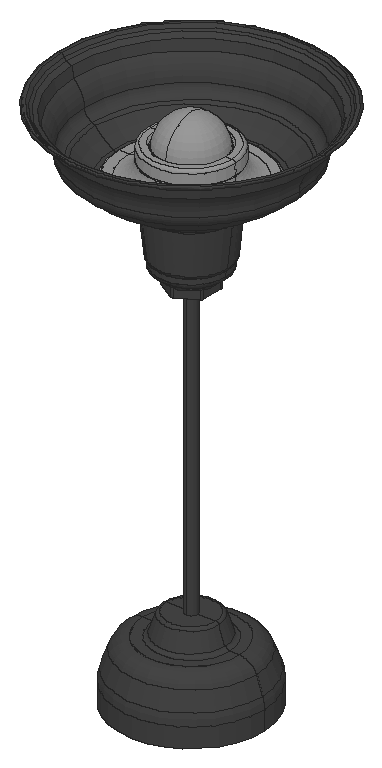
Revit family "BLE-S-WHB-LED", category Lighting Fixtures, host Face, Revit 2022
Family settings
  Host = Face
  Round Connector Dimension = Use Diameter
  Part Type = Normal
  Cut with Voids When Loaded = No
  Light Source = Yes
  Maintain Annotation Orientation = No
  Shared = No
  Room Calculation Point = No
Parameters (values of type "11" Dome 1/2" Stem Large Base")
  Wattage = 5.72229 W
  built-in parameter 1150110 = 1 (stored number, unit not read)
  built-in parameter 1114217 = 1 (stored number, unit not read)
  Tilt Angle = 0.00°
  built-in parameter 1150109 = 1 (stored number, unit not read)
  built-in parameter 1150134 = (empty or 0)
  built-in parameter 1150113 = 1 (stored number, unit not read)
  Stem Length Multiplier = 2
  SUB-0062 = no
  STM-75XX = no
  STM-50XX = yes
  SHD-0189 = yes
  Photometric Web File = "generic"
  built-in parameter 1150142 = (empty or 0)
  Min Length = 0' - 6"
  Max Length = 4' - 0"
  built-in parameter 1150105 = 67.641 (stored number, unit not read)
  Lumens = 850 lm
  built-in parameter 1150115 = 1 (stored number, unit not read)
  Light Source Distance = 1' - 10 5/32"
  built-in parameter 1150137 = (empty or 0)
  built-in parameter 1150139 = (empty or 0)
  Length Calc = Stem Length Multiplier * 0' 6"  # 1' - 0"
  built-in parameter 1150112 = 1 (stored number, unit not read)
  built-in parameter 1150114 = 1 (stored number, unit not read)
  built-in parameter 1150132 = 2
  built-in parameter 1150102 = (empty or 0)
  built-in parameter 1150107 = 3000 (stored number, unit not read)
  built-in parameter 1150138 = (empty or 0)
  built-in parameter 1150106 = 0.67641 (stored number, unit not read)
  Heat Sink 9" = no
  Heat Sink 6" = yes
  Emit from Line Length = 2' - 0"
  built-in parameter 1150104 = 13.8 (stored number, unit not read)
  Dimming Lamp Color Temperature Shift = <None>
  Color Filter = 16777215
  CAN-5001 = no
  Base Height = 0' - 3 11/32"
  built-in parameter 1114218 = 1 (stored number, unit not read)
  built-in parameter 1150133 = 10 (stored number, unit not read)
  Actual Stem Length = if(Length Calc < Min Length, Min Length, if(Length Calc < Max Length, Length Calc, 4' 0"))  # 1' - 0"
  Heat Sink = 0' - 3 13/128"
  Stem Material = 100 - Black
  Shade Material = 100 - Black
  Flat = no
  Dome = yes
  Default Elevation = 4' - 0"
  Base Material = 100 - Black
  17" = no
  15" = no
  13" = no
  11" = yes
Reference planes (in)
  plane 1 "Center (Front/Back)": y = 0
  plane 2: z = 0
  plane 3 "Center (Left/Right)": x = 0
Lines and regions (in)
  reference lines
    curve 1: line (0, 37, 0) -> (0, -36, 0)
    curve 2: line (-38, 0, 0) -> (34, 0, 0)
    curve 3: line (-1.9164, 0, 3.34375) -> (2.0836, 0, 3.34375)
    curve 4: line (-9.09337, 0, 19.09399) -> (9.90663, 0, 19.09399)
    curve 5: line (-6.18099, 0, 15.99243) -> (4.81901, 0, 15.99243)
Dimensions and locks (in)
  "Base Height": curve 3 to host face
  locked: imposter light to curve 4 at 1
  "Heat Sink": curve 4 to curve 5
  aligned and locked: plane 2 to host face
  aligned and locked: level to host face
  aligned and locked: plane 3 "Center (Left/Right)" to nested 1
  aligned and locked: plane 1 "Center (Front/Back)" to nested 1
  aligned and locked: nested 2 to plane 3 "Center (Left/Right)"
  aligned and locked: nested 2 to plane 1 "Center (Front/Back)"
  aligned and locked: nested 4 to plane 1 "Center (Front/Back)"
  aligned and locked: plane 3 "Center (Left/Right)" to nested 3
  aligned and locked: plane 1 "Center (Front/Back)" to nested 5
  aligned and locked: plane 3 "Center (Left/Right)" to nested 5
  aligned and locked: plane 1 "Center (Front/Back)" to nested 6
  aligned and locked: plane 3 "Center (Left/Right)" to nested 6
  aligned and locked: plane 3 "Center (Left/Right)" to imposter light
  aligned and locked: imposter light to plane 1 "Center (Front/Back)"
  aligned and locked: nested 4 to plane 3 "Center (Left/Right)"
  aligned and locked: nested 7 to imposter light
  aligned and locked: imposter light to nested 7
  aligned and locked: imposter light to nested 8  (x2)
  aligned and locked: nested 9 to imposter light
  aligned and locked: imposter light to nested 9
  aligned and locked: curve 5 to nested 3
  aligned and locked: plane 3 "Center (Left/Right)" to nested 10
  aligned and locked: plane 1 "Center (Front/Back)" to nested 10
  aligned and locked: plane 3 "Center (Left/Right)" to nested 11
Automatic sketch dimensions
  host sketch curve to host sketch curve = 8' - 0"  (x2)
  plane 1 "Center (Front/Back)" to curve 2 = 0' - 0"
  curve 1 to plane 3 "Center (Left/Right)" = 0' - 0"
  curve 2 to plane 3 "Center (Left/Right)" = 3' - 2"
  plane 3 "Center (Left/Right)" to curve 2 = 2' - 10"
  plane 1 "Center (Front/Back)" to curve 1 = 3' - 0"
  curve 1 to plane 1 "Center (Front/Back)" = 3' - 1"
  curve 4 to plane 3 "Center (Left/Right)" = 0' - 9.09337"
  curve 4 to curve 5 = 0' - 2.91238"
  curve 3 to plane 3 "Center (Left/Right)" = 0' - 1.9164"
  plane 3 "Center (Left/Right)" to curve 3 = 0' - 2.0836"
  plane 3 "Center (Left/Right)" to curve 5 = 0' - 4.81901"
  curve 5 to curve 4 = 0' - 5.08762"
  curve 3 to curve 5 = 1' - 0.64868"
Nested families (in)
  nested 1: "SUB-0062" at (0, 0, 0), type "SUB-0062"
    with SUB-0062 no
  nested 2: "WHB Shade" at (0, 0, 15.99243), type "WHB Shade"
    with 8" no, 6" no, 17" no, 15" no, 13" no
  nested 3: "CPL-0004" at (0, 0, 15.34225) x (0, -1, 0) z (0, 0, 1), type "CPL-0004"
  nested 4: "STM-50XX" at (0, 0, 3.34375) x (0, -1, 0) z (0, 0, 1), type "STM-50XX"
    with STM-50XX yes
  nested 5: "SHD-0189" at (0, 0, 0), type "SHD-0189"
  nested 6: "CAN-5001" at (0, 0, 0), type "CAN-5001"
    with CAN-5001 no
  nested 7: "103264" at (0, 0, 19.09399), type "103264"
    with Heat Sink 9" no
  nested 8: "ACR-0306" at (0, 0, 20.34403) x (0, 1, 0) z (0, 0, 1), type "ACR-0306"
  nested 9: "RNG-0007" at (0, 0, 20.42513) x (-1, 0, 0) z (0, 0, 1), type "RNG-0007"
  nested 10: "STM-75XX" at (0, 0, 3.34375), type "STM-75XX"
    with Stem Length 1' - 0", STM-75XX no
  nested 11: "103805" at (0, 0, 19.09399), type "103805"
Connectors (in)
  electrical at (0, 0, 0)
    settings: index 1, voltage 0 V, apparent load 0 VA, apparent load phase1 0 VA, apparent load phase2 0 VA, apparent load phase3 0 VA, power factor 1, load classification "Other", number of poles 1, system type 31, power factor state 1, is connector primary yes, connector utility no, sub classification motor no, connector description ""
Definition of nested family "WHB Shade"
  Parameters (values of type "WHB Shade")
    Shade Material = none
    Default Elevation = 2' - 0"
    17" = yes
    15" = yes
    13" = yes
    11" = yes
    8" = yes
    6" = yes
  Reference planes (in)
    plane 1 "Center (Front/Back)": y = 0
    plane 2: z = 0
    plane 3 "Center (Left/Right)": x = 0
  Forms (in)
    Extrusion 1, solid
      sketch origin (0, 0, 0) x (1, 0, 0) y (0, 1, 0)
        loop
          line (-48, 48) -> (-48, -48) -> (48, -48) -> (48, 48) -> (-48, 48)
      from 0 to -12
  Dimensions and locks (in)
    aligned and locked: plane 2 to Extrusion 1
    aligned and locked: level to Extrusion 1
    aligned and locked: plane 1 "Center (Front/Back)" to nested 1
    aligned and locked: plane 3 "Center (Left/Right)" to nested 1
    aligned and locked: plane 3 "Center (Left/Right)" to nested 2
    aligned and locked: plane 1 "Center (Front/Back)" to nested 2
    aligned and locked: plane 1 "Center (Front/Back)" to nested 3
    aligned and locked: plane 3 "Center (Left/Right)" to nested 3
    aligned and locked: plane 3 "Center (Left/Right)" to nested 4
    aligned and locked: plane 1 "Center (Front/Back)" to nested 4
    aligned and locked: plane 1 "Center (Front/Back)" to nested 5
    aligned and locked: plane 3 "Center (Left/Right)" to nested 5
    aligned and locked: plane 3 "Center (Left/Right)" to nested 6
    aligned and locked: plane 1 "Center (Front/Back)" to nested 6
  Nested families (in)
    nested 1: "SHD-0073" at (0, 0, 0), visible <- "6"", type "SHD-0073"
    nested 2: "SHD-0074" at (0, 0, 0), visible <- "8"", type "SHD-0074"
    nested 3: "SHD-0019" at (0, 0, 0), visible <- "11"", type "SHD-0019"
    nested 4: "SHD-0020" at (0, 0, 0), visible <- "13"", type "SHD-0020"
    nested 5: "SHD-0022" at (0, 0, 0), visible <- "17"", type "SHD-0022"
    nested 6: "SHD-0021" at (0, 0, 0), visible <- "15"", type "SHD-0021"
  Definition of nested family "SHD-0073"
    Parameters (values of type "SHD-0073")
      Shade Material = none
      Default Elevation = 2' - 0"
    Reference planes (in)
      plane 1 "Center (Front/Back)": y = 0
      plane 2: z = 0
      plane 3 "Center (Left/Right)": x = 0
    Forms (in)
      Extrusion 1, solid
        sketch origin (0.09263, 0, 0.02324) x (1, 0, 0) y (0, 1, 0)
          loop
            line (-48, 48) -> (-48, -48) -> (48, -48) -> (48, 48) -> (-48, 48)
        from -0.02324 to -12
      Revolve 2, solid, material <- "Shade Material"
        sketch origin (0, 0, 0) x (1, 0, 0) y (0, 0, 1)
          loop
            line (0, 0.03906) -> (-0.87579, 0.03906)
            arc (-0.87579, 0.03906) -> (-0.93447, 0.06284) -> (-0.96005, 0.12076) r 0.0843
            line (-0.96005, 0.12076) -> (-0.98861, 1.04523)
            arc (-0.98861, 1.04523) -> (-1.01951, 1.13722) -> (-1.09617, 1.19672) r 0.16785
            arc (-1.09617, 1.19672) -> (-1.12932, 1.21983) -> (-1.14792, 1.25572) r 0.08435
            line (-1.14792, 1.25572) -> (-1.30194, 1.8953)
            arc (-1.30194, 1.8953) -> (-1.55722, 2.3583) -> (-2.01293, 2.62636) r 0.99978
            arc (-2.01293, 2.62636) -> (-2.33316, 2.81372) -> (-2.51458, 3.13736) r 0.70762
            line (-2.51458, 3.13736) -> (-2.88606, 4.61912)
            arc (-2.88606, 4.61912) -> (-2.89984, 4.6509) -> (-2.9231, 4.67657) r 0.10636
            arc (-2.9231, 4.67657) -> (-2.93679, 4.69272) -> (-2.94325, 4.71288) r 0.05416
            line (-2.94325, 4.71288) -> (-2.95995, 4.8599) -> (-2.99926, 4.8599) -> (-2.98018, 4.69189)
            arc (-2.98018, 4.69189) -> (-2.97181, 4.6682) -> (-2.95392, 4.65055) r 0.05598
            arc (-2.95392, 4.65055) -> (-2.93493, 4.63302) -> (-2.92395, 4.60962) r 0.0673
            line (-2.92395, 4.60962) -> (-2.55247, 3.12786)
            arc (-2.55247, 3.12786) -> (-2.36104, 2.78636) -> (-2.02313, 2.58865) r 0.74668
            arc (-2.02313, 2.58865) -> (-1.58522, 2.33106) -> (-1.33991, 1.88616) r 0.96072
            line (-1.33991, 1.88616) -> (-1.1859, 1.24657)
            arc (-1.1859, 1.24657) -> (-1.15869, 1.19407) -> (-1.11018, 1.16026) r 0.12341
            arc (-1.11018, 1.16026) -> (-1.05137, 1.1146) -> (-1.02765, 1.04402) r 0.12878
            line (-1.02765, 1.04402) -> (-0.99909, 0.11955)
            arc (-0.99909, 0.11955) -> (-0.96166, 0.0348) -> (-0.87579, 0) r 0.12336
            line (-0.87579, 0) -> (0, 0) -> (0, 0.03906)
          axis (0, 4.8599) -> (0, 0)
        angle from 0 to 360
    Dimensions and locks (in)
      aligned and locked: plane 2 to Extrusion 1
      aligned and locked: level to Extrusion 1
    Automatic sketch dimensions
      Extrusion 1 sketch curve to Extrusion 1 sketch curve = 8' - 0"  (x2)
      Revolve 2 sketch curve to Revolve 2 sketch curve = 0' - 0"  (x12)
      Revolve 2 sketch curve to level = 0' - 0"
      Revolve 2 sketch curve to plane 3 "Center (Left/Right)" = 0' - 0"  (x2)
      level to Revolve 2 sketch curve = 0' - 0.12336"
      Revolve 2 sketch curve to plane 3 "Center (Left/Right)" = 0' - 0.87579"
      level to Revolve 2 sketch curve = 0' - 0.12076"
      Revolve 2 sketch curve to Revolve 2 sketch curve = 0' - 0.08426"
      Revolve 2 sketch curve to Revolve 2 sketch curve = 0' - 0.02856"
      level to Revolve 2 sketch curve = 0' - 0.11955"
      Revolve 2 sketch curve to Revolve 2 sketch curve = 0' - 0 5/128"
      Revolve 2 sketch curve to Revolve 2 sketch curve = 0' - 0.03827"
      Revolve 2 sketch curve to Revolve 2 sketch curve = 0' - 0.08201"
      Revolve 2 sketch curve to Revolve 2 sketch curve = 0' - 0.12872"
      Revolve 2 sketch curve to Revolve 2 sketch curve = 0' - 0.03798"  (x2)
      Revolve 2 sketch curve to Revolve 2 sketch curve = 0' - 0.15401"
      Revolve 2 sketch curve to Revolve 2 sketch curve = 0' - 0 125/256"
      Revolve 2 sketch curve to Revolve 2 sketch curve = 0' - 0.93402"
      Revolve 2 sketch curve to Revolve 2 sketch curve = 0' - 0.68638"
      Revolve 2 sketch curve to Revolve 2 sketch curve = 0' - 0.03789"  (x2)
      Revolve 2 sketch curve to Revolve 2 sketch curve = 0' - 0.37148"
      Revolve 2 sketch curve to Revolve 2 sketch curve = 0' - 0.00338"
      Revolve 2 sketch curve to Revolve 2 sketch curve = 0' - 0.03513"
      Revolve 2 sketch curve to Revolve 2 sketch curve = 0' - 0.01869"
      Revolve 2 sketch curve to Revolve 2 sketch curve = 0' - 0.03693"
      Revolve 2 sketch curve to Revolve 2 sketch curve = 0' - 0.06528"
      Revolve 2 sketch curve to Revolve 2 sketch curve = 0' - 0.05601"
      Revolve 2 sketch curve to Revolve 2 sketch curve = 0' - 0.00121"
      Revolve 2 sketch curve to Revolve 2 sketch curve = 0' - 0.20652"
      Revolve 2 sketch curve to Revolve 2 sketch curve = 0' - 0.00914"  (x2)
      Revolve 2 sketch curve to Revolve 2 sketch curve = 0' - 0.01975"
      Revolve 2 sketch curve to Revolve 2 sketch curve = 0' - 1.46662"
      Revolve 2 sketch curve to Revolve 2 sketch curve = 0' - 0.0095"  (x2)
      Revolve 2 sketch curve to Revolve 2 sketch curve = 0' - 0.17208"
      Revolve 2 sketch curve to Revolve 2 sketch curve = 0' - 0.09863"
      Revolve 2 sketch curve to Revolve 2 sketch curve = 0' - 0.00632"
      Revolve 2 sketch curve to Revolve 2 sketch curve = 0' - 0.01467"
      Revolve 2 sketch curve to Revolve 2 sketch curve = 0' - 0.02078"
      Revolve 2 sketch curve to Revolve 2 sketch curve = 0' - 0.68038"
      Revolve 2 sketch curve to Revolve 2 sketch curve = 0' - 0.3547"
  Definition of nested family "SHD-0074"
    Parameters (values of type "SHD-0074")
      Shade Material = none
      Default Elevation = 2' - 0"
    Reference planes (in)
      plane 1 "Center (Front/Back)": y = 0
      plane 2: z = 0
      plane 3 "Center (Left/Right)": x = 0
    Forms (in)
      Extrusion 1, solid
        sketch origin (0.09263, 0, 0.02324) x (1, 0, 0) y (0, 1, 0)
          loop
            line (-48, 48) -> (-48, -48) -> (48, -48) -> (48, 48) -> (-48, 48)
        from -0.02324 to -12
      Revolve 2, solid, material <- "Shade Material"
        sketch origin (0, 0, 0) x (1, 0, 0) y (0, 0, 1)
          loop
            line (0, 0) -> (0, 0.03906) -> (-1.14807, 0.03906)
            arc (-1.14807, 0.03906) -> (-1.2741, 0.09017) -> (-1.32894, 0.21462) r 0.18095
            line (-1.32894, 0.21462) -> (-1.3651, 1.42566)
            arc (-1.3651, 1.42566) -> (-1.39345, 1.51093) -> (-1.46402, 1.56657) r 0.15656
            arc (-1.46402, 1.56657) -> (-1.53401, 1.61608) -> (-1.57335, 1.69225) r 0.18097
            line (-1.57335, 1.69225) -> (-1.77626, 2.52967)
            arc (-1.77626, 2.52967) -> (-2.09487, 3.10739) -> (-2.66269, 3.44334) r 1.25363
            arc (-2.66269, 3.44334) -> (-3.11575, 3.71011) -> (-3.37255, 4.1689) r 1.00681
            line (-3.37255, 4.1689) -> (-3.85994, 6.109)
            arc (-3.85994, 6.109) -> (-3.87317, 6.13828) -> (-3.8958, 6.16109) r 0.09052
            arc (-3.8958, 6.16109) -> (-3.92393, 6.19141) -> (-3.93708, 6.23062) r 0.09827
            line (-3.93708, 6.23062) -> (-3.96079, 6.44195) -> (-4.0001, 6.44195) -> (-3.9759, 6.22627)
            arc (-3.9759, 6.22627) -> (-3.95752, 6.17147) -> (-3.91821, 6.12909) r 0.13733
            arc (-3.91821, 6.12909) -> (-3.90535, 6.11612) -> (-3.89782, 6.09948) r 0.05146
            line (-3.89782, 6.09948) -> (-3.41044, 4.15939)
            arc (-3.41044, 4.15939) -> (-3.14367, 3.6828) -> (-2.67303, 3.40567) r 1.04587
            arc (-2.67303, 3.40567) -> (-2.12291, 3.08019) -> (-1.81423, 2.52047) r 1.21457
            line (-1.81423, 2.52047) -> (-1.61132, 1.68305)
            arc (-1.61132, 1.68305) -> (-1.56348, 1.59044) -> (-1.47839, 1.53025) r 0.22003
            arc (-1.47839, 1.53025) -> (-1.42543, 1.48849) -> (-1.40415, 1.42449) r 0.1175
            line (-1.40415, 1.42449) -> (-1.36798, 0.21345)
            arc (-1.36798, 0.21345) -> (-1.3013, 0.06214) -> (-1.14807, 0) r 0.22002
            line (-1.14807, 0) -> (0, 0)
          axis (0, 6.44195) -> (0, 0)
        angle from 0 to 360
    Dimensions and locks (in)
      aligned and locked: plane 2 to Extrusion 1
      aligned and locked: level to Extrusion 1
    Automatic sketch dimensions
      Extrusion 1 sketch curve to Extrusion 1 sketch curve = 8' - 0"  (x2)
      Revolve 2 sketch curve to Revolve 2 sketch curve = 0' - 0"  (x14)
      Revolve 2 sketch curve to level = 0' - 0"
      Revolve 2 sketch curve to plane 3 "Center (Left/Right)" = 0' - 0"  (x2)
      Revolve 2 sketch curve to plane 3 "Center (Left/Right)" = 0' - 1.14807"
      level to Revolve 2 sketch curve = 0' - 0.21462"
      Revolve 2 sketch curve to Revolve 2 sketch curve = 0' - 0.18087"
      Revolve 2 sketch curve to Revolve 2 sketch curve = 0' - 0.03617"
      level to Revolve 2 sketch curve = 0' - 0.21345"
      Revolve 2 sketch curve to Revolve 2 sketch curve = 0' - 0 5/128"  (x2)
      Revolve 2 sketch curve to Revolve 2 sketch curve = 0' - 0.03237"
      Revolve 2 sketch curve to Revolve 2 sketch curve = 0' - 0.11745"
      Revolve 2 sketch curve to Revolve 2 sketch curve = 0' - 0.17588"
      Revolve 2 sketch curve to Revolve 2 sketch curve = 0' - 0.03796"  (x2)
      Revolve 2 sketch curve to Revolve 2 sketch curve = 0' - 0.20291"
      Revolve 2 sketch curve to Revolve 2 sketch curve = 0' - 0.58186"
      Revolve 2 sketch curve to Revolve 2 sketch curve = 0' - 1.18041"
      Revolve 2 sketch curve to Revolve 2 sketch curve = 0' - 0.97647"
      Revolve 2 sketch curve to Revolve 2 sketch curve = 0' - 0.03789"  (x2)
      Revolve 2 sketch curve to Revolve 2 sketch curve = 0' - 0.46688"
      Revolve 2 sketch curve to Revolve 2 sketch curve = 0' - 0.02051"
      Revolve 2 sketch curve to Revolve 2 sketch curve = 0' - 0 25/256"
      Revolve 2 sketch curve to Revolve 2 sketch curve = 0' - 0.04991"
      Revolve 2 sketch curve to Revolve 2 sketch curve = 0' - 0.03882"
      Revolve 2 sketch curve to Revolve 2 sketch curve = 0' - 0.02419"
      Revolve 2 sketch curve to Revolve 2 sketch curve = 0' - 0.00117"
      Revolve 2 sketch curve to Revolve 2 sketch curve = 0' - 0.26206"
      Revolve 2 sketch curve to Revolve 2 sketch curve = 0' - 0.0092"  (x2)
      Revolve 2 sketch curve to Revolve 2 sketch curve = 0' - 0.04262"
      Revolve 2 sketch curve to Revolve 2 sketch curve = 0' - 1.92493"
      Revolve 2 sketch curve to Revolve 2 sketch curve = 0' - 0.00952"  (x2)
      Revolve 2 sketch curve to Revolve 2 sketch curve = 0' - 0.2453"
      Revolve 2 sketch curve to Revolve 2 sketch curve = 0' - 0.13933"
      Revolve 2 sketch curve to Revolve 2 sketch curve = 0' - 0.00435"
      Revolve 2 sketch curve to Revolve 2 sketch curve = 0' - 0.01095"
      Revolve 2 sketch curve to Revolve 2 sketch curve = 0' - 0.21568"
      Revolve 2 sketch curve to Revolve 2 sketch curve = 0' - 0.03931"
      Revolve 2 sketch curve to Revolve 2 sketch curve = 0' - 0.68038"
      Revolve 2 sketch curve to Revolve 2 sketch curve = 0' - 0.51514"
  Definition of nested family "SHD-0019"
    Parameters (values of type "SHD-0019")
      Shade Material = none
      Default Elevation = 2' - 0"
    Reference planes (in)
      plane 1 "Center (Front/Back)": y = 0
      plane 2: z = 0
      plane 3 "Center (Left/Right)": x = 0
    Forms (in)
      Extrusion 1, solid
        sketch origin (0.09263, 0, 0.02324) x (1, 0, 0) y (0, 1, 0)
          loop
            line (-48, 48) -> (-48, -48) -> (48, -48) -> (48, 48) -> (-48, 48)
        from -0.02324 to -12
      Revolve 2, solid, material <- "Shade Material"
        sketch origin (0, 0, 0) x (1, 0, 0) y (0, 0, 1)
          loop
            line (0, 0) -> (0, 0.03906) -> (-1.25514, 0.03906)
            arc (-1.25514, 0.03906) -> (-1.35614, 0.0809) -> (-1.39797, 0.1819) r 0.14284
            line (-1.39797, 0.1819) -> (-1.39797, 0.40436)
            arc (-1.39797, 0.40436) -> (-1.40946, 0.44193) -> (-1.43999, 0.46665) r 0.06717
            arc (-1.43999, 0.46665) -> (-1.46357, 0.48473) -> (-1.47446, 0.51238) r 0.05558
            line (-1.47446, 0.51238) -> (-1.65246, 2.20592)
            arc (-1.65246, 2.20592) -> (-1.81497, 2.52488) -> (-2.14916, 2.65316) r 0.49944
            line (-2.14916, 2.65316) -> (-2.24649, 2.65316)
            arc (-2.24649, 2.65316) -> (-2.31667, 2.67482) -> (-2.36287, 2.73191) r 0.12605
            arc (-2.36287, 2.73191) -> (-2.52975, 2.94415) -> (-2.78418, 3.03449) r 0.48568
            arc (-2.78418, 3.03449) -> (-2.86526, 3.04814) -> (-2.94157, 3.07874) r 0.38387
            line (-2.94157, 3.07874) -> (-3.22069, 3.22715)
            arc (-3.22069, 3.22715) -> (-3.61341, 3.48929) -> (-3.9463, 3.82416) r 2.36749
            arc (-3.9463, 3.82416) -> (-4.00593, 3.87819) -> (-4.079, 3.91189) r 0.26567
            arc (-4.079, 3.91189) -> (-4.32022, 4.07818) -> (-4.41249, 4.35625) r 0.46094
            arc (-4.41249, 4.35625) -> (-4.52362, 4.86613) -> (-4.83937, 5.28163) r 1.20855
            line (-4.83937, 5.28163) -> (-4.92424, 5.68987) -> (-5.13707, 5.82286)
            arc (-5.13707, 5.82286) -> (-5.1902, 5.86363) -> (-5.23456, 5.91381) r 0.34908
            line (-5.23456, 5.91381) -> (-5.32729, 6.04153) -> (-5.45509, 6.04153)
            arc (-5.45509, 6.04153) -> (-5.50157, 5.99506) -> (-5.45509, 5.94858) r 0.04648
            line (-5.45509, 5.94858) -> (-5.3113, 5.94858) -> (-5.26576, 5.89029)
            arc (-5.26576, 5.89029) -> (-5.21658, 5.83483) -> (-5.15777, 5.78973) r 0.38814
            line (-5.15777, 5.78973) -> (-4.95909, 5.66558) -> (-4.87486, 5.2604)
            arc (-4.87486, 5.2604) -> (-4.5619, 4.85582) -> (-4.45155, 4.35637) r 1.16949
            arc (-4.45155, 4.35637) -> (-4.35146, 4.05473) -> (-4.0898, 3.87435) r 0.5
            arc (-4.0898, 3.87435) -> (-4.02747, 3.8456) -> (-3.97662, 3.79952) r 0.22661
            arc (-3.97662, 3.79952) -> (-3.63823, 3.45913) -> (-3.23903, 3.19266) r 2.40656
            line (-3.23903, 3.19266) -> (-2.95991, 3.04425)
            arc (-2.95991, 3.04425) -> (-2.87583, 3.01053) -> (-2.7865, 2.99549) r 0.42293
            arc (-2.7865, 2.99549) -> (-2.55253, 2.91243) -> (-2.39908, 2.71725) r 0.44662
            arc (-2.39908, 2.71725) -> (-2.33853, 2.64244) -> (-2.24656, 2.6141) r 0.16512
            line (-2.24656, 2.6141) -> (-2.14916, 2.6141)
            arc (-2.14916, 2.6141) -> (-1.84111, 2.49585) -> (-1.6913, 2.20184) r 0.46038
            line (-1.6913, 2.20184) -> (-1.51331, 0.50829)
            arc (-1.51331, 0.50829) -> (-1.49476, 0.46122) -> (-1.45462, 0.43043) r 0.09464
            arc (-1.45462, 0.43043) -> (-1.44184, 0.42008) -> (-1.43704, 0.40436) r 0.02811
            line (-1.43704, 0.40436) -> (-1.43704, 0.1819)
            arc (-1.43704, 0.1819) -> (-1.38376, 0.05328) -> (-1.25514, 0) r 0.1819
            line (-1.25514, 0) -> (0, 0)
          axis (0, 6.04153) -> (0, 0)
        angle from 0 to 360
    Dimensions and locks (in)
      aligned and locked: plane 2 to Extrusion 1
      aligned and locked: level to Extrusion 1
    Automatic sketch dimensions
      Extrusion 1 sketch curve to Extrusion 1 sketch curve = 8' - 0"  (x2)
      Revolve 2 sketch curve to Revolve 2 sketch curve = 0' - 0"  (x30)
      Revolve 2 sketch curve to level = 0' - 0"
      Revolve 2 sketch curve to plane 3 "Center (Left/Right)" = 0' - 0"  (x2)
      Revolve 2 sketch curve to plane 3 "Center (Left/Right)" = 0' - 1.25514"
      Revolve 2 sketch curve to Revolve 2 sketch curve = 0' - 0.14284"
      Revolve 2 sketch curve to Revolve 2 sketch curve = 0' - 0.02121"
      Revolve 2 sketch curve to Revolve 2 sketch curve = 0' - 0 5/128"
      Revolve 2 sketch curve to Revolve 2 sketch curve = 0' - 0.02811"
      level to Revolve 2 sketch curve = 0' - 0.51238"
      Revolve 2 sketch curve to Revolve 2 sketch curve = 0' - 0.05528"
      level to Revolve 2 sketch curve = 0' - 0.50829"
      Revolve 2 sketch curve to Revolve 2 sketch curve = 0' - 0.03885"  (x2)
      Revolve 2 sketch curve to plane 3 "Center (Left/Right)" = 0' - 1.65246"
      Revolve 2 sketch curve to plane 3 "Center (Left/Right)" = 0' - 2.10922"
      Revolve 2 sketch curve to Revolve 2 sketch curve = 0' - 0.45786"
      Revolve 2 sketch curve to Revolve 2 sketch curve = 0' - 0.09686"
      Revolve 2 sketch curve to Revolve 2 sketch curve = 0' - 0.09733"
      Revolve 2 sketch curve to Revolve 2 sketch curve = 0' - 0.00007"
      Revolve 2 sketch curve to Revolve 2 sketch curve = 0' - 0.51533"
      Revolve 2 sketch curve to Revolve 2 sketch curve = 0' - 0.5665"
      Revolve 2 sketch curve to Revolve 2 sketch curve = 0' - 0.18022"
      Revolve 2 sketch curve to Revolve 2 sketch curve = 0' - 0.01834"  (x2)
      Revolve 2 sketch curve to Revolve 2 sketch curve = 0' - 0.27912"
      Revolve 2 sketch curve to Revolve 2 sketch curve = 0' - 0.73086"
      Revolve 2 sketch curve to Revolve 2 sketch curve = 0' - 0.2009"
      Revolve 2 sketch curve to Revolve 2 sketch curve = 0' - 0.88782"
      Revolve 2 sketch curve to Revolve 2 sketch curve = 0' - 0.03549"
      Revolve 2 sketch curve to Revolve 2 sketch curve = 0' - 0.08486"
      Revolve 2 sketch curve to Revolve 2 sketch curve = 0' - 0.02785"
      Revolve 2 sketch curve to Revolve 2 sketch curve = 0' - 0.03485"
      Revolve 2 sketch curve to Revolve 2 sketch curve = 0' - 0.17798"
      Revolve 2 sketch curve to Revolve 2 sketch curve = 0' - 0.0207"
      Revolve 2 sketch curve to Revolve 2 sketch curve = 0' - 0.0975"
      Revolve 2 sketch curve to Revolve 2 sketch curve = 0' - 0.03119"
      Revolve 2 sketch curve to Revolve 2 sketch curve = 0' - 0.04554"
      Revolve 2 sketch curve to Revolve 2 sketch curve = 0' - 0.14379"
      Revolve 2 sketch curve to Revolve 2 sketch curve = 0' - 0.74618"
      Revolve 2 sketch curve to Revolve 2 sketch curve = 0' - 0.10801"
      Revolve 2 sketch curve to Revolve 2 sketch curve = 0' - 0.00581"
      Revolve 2 sketch curve to Revolve 2 sketch curve = 0' - 0.00408"
      Revolve 2 sketch curve to Revolve 2 sketch curve = 0' - 0.06443"
      Revolve 2 sketch curve to Revolve 2 sketch curve = 0' - 0.12605"
      Revolve 2 sketch curve to Revolve 2 sketch curve = 0' - 0.49458"
      Revolve 2 sketch curve to Revolve 2 sketch curve = 0' - 0.03449"  (x2)
      Revolve 2 sketch curve to Revolve 2 sketch curve = 0' - 0.14841"
      Revolve 2 sketch curve to Revolve 2 sketch curve = 0' - 0.46392"
      Revolve 2 sketch curve to Revolve 2 sketch curve = 0' - 0.69828"
      Revolve 2 sketch curve to Revolve 2 sketch curve = 0' - 0.70331"
      Revolve 2 sketch curve to Revolve 2 sketch curve = 0' - 0.90051"
      Revolve 2 sketch curve to Revolve 2 sketch curve = 0' - 0.02122"
      Revolve 2 sketch curve to Revolve 2 sketch curve = 0' - 1.89985"
      Revolve 2 sketch curve to Revolve 2 sketch curve = 0' - 0.38395"
      Revolve 2 sketch curve to Revolve 2 sketch curve = 0' - 0.02429"
      Revolve 2 sketch curve to Revolve 2 sketch curve = 0' - 0.12415"
      Revolve 2 sketch curve to Revolve 2 sketch curve = 0' - 0.03313"
      Revolve 2 sketch curve to Revolve 2 sketch curve = 0' - 0.05829"
      Revolve 2 sketch curve to Revolve 2 sketch curve = 0' - 0.04648"
      Revolve 2 sketch curve to Revolve 2 sketch curve = 0' - 0.01599"
      Revolve 2 sketch curve to Revolve 2 sketch curve = 0' - 0.68038"
      Revolve 2 sketch curve to Revolve 2 sketch curve = 0' - 1.53056"
  Definition of nested family "SHD-0020"
    Parameters (values of type "SHD-0020")
      Shade Material = none
      Default Elevation = 2' - 0"
    Reference planes (in)
      plane 1 "Center (Front/Back)": y = 0
      plane 2: z = 0
      plane 3 "Center (Left/Right)": x = 0
      plane 4: x = -1.27876
      plane 5: z = 0.137
      plane 6: x = -1.44076
      plane 7: x = -1.46776
      plane 8: z = 0.294
      plane 9: x = -1.48176
      plane 10: z = 0.311
      plane 11: z = 0.395
      plane 12: x = -1.54476
      plane 13: z = 2.088
      plane 14: x = -1.72276
      plane 15: z = 2.5
      plane 16: x = -2.18076
      plane 17: z = 2.608
      plane 18: x = -2.43176
      plane 19: x = -2.82376
      plane 20: z = 2.873
      plane 21: z = 2.895
      plane 22: x = -2.87876
      plane 23: z = 2.954
      plane 24: x = -2.95276
      plane 25: z = 3.023
      plane 26: x = -3.10676
      plane 27: x = -2.27776
    Forms (in)
      Extrusion 1, solid
        sketch origin (0.09263, 0, 0.02324) x (1, 0, 0) y (0, 1, 0)
          loop
            line (-48, 48) -> (-48, -48) -> (48, -48) -> (48, 48) -> (-48, 48)
        from -0.02324 to -12
      Revolve 2, solid, material <- "Shade Material"
        sketch origin (0, 0, 0) x (1, 0, 0) y (0, 0, 1)
          loop
            line (0, 0) -> (0, 0.03906) -> (-1.2768, 0.03906)
            arc (-1.2768, 0.03906) -> (-1.35899, 0.06907) -> (-1.4025, 0.14499) r 0.12754
            line (-1.4025, 0.14499) -> (-1.42739, 0.28969)
            arc (-1.42739, 0.28969) -> (-1.44233, 0.32466) -> (-1.47142, 0.34916) r 0.08217
            arc (-1.47142, 0.34916) -> (-1.49504, 0.36972) -> (-1.50591, 0.39908) r 0.06331
            line (-1.50591, 0.39908) -> (-1.68358, 2.08888)
            arc (-1.68358, 2.08888) -> (-1.84717, 2.40993) -> (-2.18358, 2.53906) r 0.50276
            line (-2.18358, 2.53906) -> (-2.27776, 2.53906)
            arc (-2.27776, 2.53906) -> (-2.34786, 2.56062) -> (-2.39372, 2.61784) r 0.12473
            arc (-2.39372, 2.61784) -> (-2.41079, 2.65638) -> (-2.43086, 2.69346) r 0.53263
            arc (-2.43086, 2.69346) -> (-2.45841, 2.73306) -> (-2.49138, 2.76828) r 0.33419
            arc (-2.49138, 2.76828) -> (-2.64394, 2.86795) -> (-2.82078, 2.91195) r 0.54674
            arc (-2.82078, 2.91195) -> (-2.83844, 2.91605) -> (-2.85406, 2.92526) r 0.05986
            arc (-2.85406, 2.92526) -> (-2.8952, 2.95841) -> (-2.93676, 2.99103) r 4.15249
            arc (-2.93676, 2.99103) -> (-2.99577, 3.02797) -> (-3.06095, 3.05248) r 0.34928
            arc (-3.06095, 3.05248) -> (-3.46112, 3.1896) -> (-3.85731, 3.33784) r 15.14749
            arc (-3.85731, 3.33784) -> (-4.46904, 3.49158) -> (-4.95194, 3.89736) r 1.4056
            arc (-4.95194, 3.89736) -> (-5.04169, 3.99802) -> (-5.14674, 4.08258) r 0.81868
            arc (-5.14674, 4.08258) -> (-5.26733, 4.21645) -> (-5.31172, 4.39106) r 0.3756
            arc (-5.31172, 4.39106) -> (-5.41744, 4.87257) -> (-5.70989, 5.26943) r 1.18543
            line (-5.70989, 5.26943) -> (-5.94098, 5.69562)
            arc (-5.94098, 5.69562) -> (-6.01104, 5.79125) -> (-6.10412, 5.86465) r 0.43906
            arc (-6.10412, 5.86465) -> (-6.17847, 5.91786) -> (-6.24224, 5.98339) r 0.51485
            line (-6.24224, 5.98339) -> (-6.32179, 6.09289) -> (-6.45519, 6.09289)
            arc (-6.45519, 6.09289) -> (-6.50155, 6.04653) -> (-6.45519, 6.00017) r 0.04636
            line (-6.45519, 6.00017) -> (-6.30624, 6.00017) -> (-6.27254, 5.95874)
            arc (-6.27254, 5.95874) -> (-6.20394, 5.88824) -> (-6.12395, 5.83099) r 0.55391
            arc (-6.12395, 5.83099) -> (-6.03914, 5.76412) -> (-5.97532, 5.677) r 0.4
            line (-5.97532, 5.677) -> (-5.74093, 5.24473)
            arc (-5.74093, 5.24473) -> (-5.45443, 4.85954) -> (-5.35078, 4.3908) r 1.14637
            arc (-5.35078, 4.3908) -> (-5.30178, 4.19802) -> (-5.16865, 4.05024) r 0.41466
            arc (-5.16865, 4.05024) -> (-5.06861, 3.96971) -> (-4.98314, 3.87386) r 0.77962
            arc (-4.98314, 3.87386) -> (-4.48993, 3.4584) -> (-3.86507, 3.29894) r 1.44467
            arc (-3.86507, 3.29894) -> (-3.47051, 3.15147) -> (-3.07201, 3.015) r 15.18656
            arc (-3.07201, 3.015) -> (-3.01358, 2.9932) -> (-2.96068, 2.96015) r 0.31022
            arc (-2.96068, 2.96015) -> (-2.91951, 2.92783) -> (-2.87876, 2.895) r 4.11343
            arc (-2.87876, 2.895) -> (-2.85295, 2.87979) -> (-2.82376, 2.873) r 0.09892
            arc (-2.82376, 2.873) -> (-2.65956, 2.83215) -> (-2.5179, 2.73959) r 0.50768
            arc (-2.5179, 2.73959) -> (-2.48878, 2.70849) -> (-2.46445, 2.67352) r 0.29513
            arc (-2.46445, 2.67352) -> (-2.44585, 2.63916) -> (-2.43004, 2.60345) r 0.49356
            arc (-2.43004, 2.60345) -> (-2.36981, 2.52831) -> (-2.27776, 2.5) r 0.1638
            line (-2.27776, 2.5) -> (-2.18358, 2.5)
            arc (-2.18358, 2.5) -> (-1.87331, 2.3809) -> (-1.72243, 2.08479) r 0.46369
            line (-1.72243, 2.08479) -> (-1.54476, 0.395)
            arc (-1.54476, 0.395) -> (-1.52718, 0.34751) -> (-1.48898, 0.31427) r 0.10237
            arc (-1.48898, 0.31427) -> (-1.47372, 0.30141) -> (-1.46588, 0.28307) r 0.04311
            line (-1.46588, 0.28307) -> (-1.441, 0.13837)
            arc (-1.441, 0.13837) -> (-1.38416, 0.0392) -> (-1.2768, 0) r 0.1666
            line (-1.2768, 0) -> (0, 0)
          axis (0, 6.09289) -> (0, 0)
        angle from 0 to 360
    Dimensions and locks (in)
      locked: plane 5 to Extrusion 1 at 0.137
      locked: plane 8 to plane 5 at 0.157
      locked: plane 10 to plane 8 at 0.017
      locked: plane 11 to plane 10 at 0.084
      locked: plane 13 to plane 11 at 1.693
      locked: plane 15 to plane 13 at 0.412
      locked: plane 17 to plane 15 at 0.108
      locked: plane 20 to plane 17 at 0.265
      locked: plane 21 to plane 20 at 0.022
      locked: plane 23 to plane 21 at 0.059
      locked: plane 25 to plane 23 at 0.069
      locked: plane 16 to plane 27 at 0.097
      locked: plane 3 "Center (Left/Right)" to plane 4 at 1.27876
      locked: plane 4 to plane 6 at 0.162
      locked: plane 6 to plane 9 at 0.041
      locked: plane 9 to plane 12 at 0.063
      locked: plane 12 to plane 14 at 0.178
      locked: plane 14 to plane 16 at 0.458
      locked: plane 27 to plane 18 at 0.154
      locked: plane 18 to plane 19 at 0.392
      locked: plane 19 to plane 22 at 0.055
      locked: plane 22 to plane 24 at 0.074
      locked: plane 24 to plane 26 at 0.154
      aligned and locked: plane 2 to Extrusion 1
      aligned and locked: level to Extrusion 1
      aligned and locked: Revolve 2 sketch curve to plane 3 "Center (Left/Right)"  (x2)
    Automatic sketch dimensions
      Extrusion 1 sketch curve to Extrusion 1 sketch curve = 8' - 0"  (x2)
      Revolve 2 sketch curve to Revolve 2 sketch curve = 0' - 0"  (x48)
      Revolve 2 sketch curve to plane 21 = 0' - 0"  (x2)
      Revolve 2 sketch curve to plane 22 = 0' - 0"
      Revolve 2 sketch curve to plane 19 = 0' - 0"  (x2)
      Revolve 2 sketch curve to plane 27 = 0' - 0"  (x2)
      Revolve 2 sketch curve to plane 15 = 0' - 0"
      Revolve 2 sketch curve to plane 11 = 0' - 0"
      Revolve 2 sketch curve to plane 12 = 0' - 0"
      Revolve 2 sketch curve to level = 0' - 0"
      Revolve 2 sketch curve to plane 20 = 0' - 0"
      Revolve 2 sketch curve to plane 22 = 0' - 0.01011"
      Revolve 2 sketch curve to plane 26 = 0' - 0.04391"
      Revolve 2 sketch curve to plane 26 = 0' - 0.72253"
      Revolve 2 sketch curve to Revolve 2 sketch curve = 0' - 1.10683"
      Revolve 2 sketch curve to level = 0' - 0.29157"
      Revolve 2 sketch curve to plane 26 = 0' - 2.37317"
      plane 25 to Revolve 2 sketch curve = 0' - 0.38173"
      Revolve 2 sketch curve to Revolve 2 sketch curve = 0' - 0.6697"
      Revolve 2 sketch curve to Revolve 2 sketch curve = 0' - 0.77377"
      Revolve 2 sketch curve to Revolve 2 sketch curve = 0' - 0.03104"
      Revolve 2 sketch curve to Revolve 2 sketch curve = 0' - 0.13294"
      Revolve 2 sketch curve to Revolve 2 sketch curve = 0' - 0.23109"
      Revolve 2 sketch curve to Revolve 2 sketch curve = 0' - 0.03434"
      Revolve 2 sketch curve to Revolve 2 sketch curve = 0' - 0.26692"
      Revolve 2 sketch curve to Revolve 2 sketch curve = 0' - 0.0303"
      Revolve 2 sketch curve to Revolve 2 sketch curve = 0' - 0.0337"
      Revolve 2 sketch curve to Revolve 2 sketch curve = 0' - 0.35163"
      Revolve 2 sketch curve to Revolve 2 sketch curve = 0' - 0.14895"
      Revolve 2 sketch curve to Revolve 2 sketch curve = 0' - 0.17017"
      plane 22 to Revolve 2 sketch curve = 0' - 0.01624"
      plane 15 to Revolve 2 sketch curve = 0' - 0.02288"
      plane 19 to Revolve 2 sketch curve = 0' - 0.10553"
      Revolve 2 sketch curve to plane 16 = 0' - 0.00281"
      plane 14 to Revolve 2 sketch curve = 0' - 0.00034"
      plane 13 to Revolve 2 sketch curve = 0' - 0.00088"
      Revolve 2 sketch curve to Revolve 2 sketch curve = 0' - 0.03885"
      Revolve 2 sketch curve to plane 9 = 0' - 0.02661"
      plane 11 to Revolve 2 sketch curve = 0' - 0.00408"
      Revolve 2 sketch curve to plane 9 = 0' - 0.02415"
      plane 7 to Revolve 2 sketch curve = 0' - 0.00188"
      Revolve 2 sketch curve to plane 6 = 0' - 0.00219"
      Revolve 2 sketch curve to plane 6 = 0' - 0.00024"
      Revolve 2 sketch curve to plane 8 = 0' - 0.00431"
      plane 6 to Revolve 2 sketch curve = 0' - 0.01338"
      plane 5 to Revolve 2 sketch curve = 0' - 0.00799"
      plane 6 to Revolve 2 sketch curve = 0' - 0.03826"
      plane 4 to Revolve 2 sketch curve = 0' - 0.00196"
      plane 3 "Center (Left/Right)" to Revolve 2 sketch curve = 0' - 1.64861"
      level to Revolve 2 sketch curve = 0' - 0 5/128"
      plane 11 to Revolve 2 sketch curve = 0' - 0.0107"
      Revolve 2 sketch curve to Revolve 2 sketch curve = 0' - 0.0548"
      plane 17 to Revolve 2 sketch curve = 0' - 0.0558"
      plane 17 to Revolve 2 sketch curve = 0' - 0.10691"
      Revolve 2 sketch curve to Revolve 2 sketch curve = 0' - 0.97841"
      Revolve 2 sketch curve to Revolve 2 sketch curve = 0' - 0.98884"
      Revolve 2 sketch curve to Revolve 2 sketch curve = 0' - 0.34959"
      Revolve 2 sketch curve to Revolve 2 sketch curve = 0' - 0.86159"
      Revolve 2 sketch curve to Revolve 2 sketch curve = 0' - 0.0247"
      Revolve 2 sketch curve to Revolve 2 sketch curve = 0' - 0.24161"
      Revolve 2 sketch curve to Revolve 2 sketch curve = 0' - 0.01862"
      Revolve 2 sketch curve to Revolve 2 sketch curve = 0' - 0.28174"
      Revolve 2 sketch curve to Revolve 2 sketch curve = 0' - 0.02465"
      Revolve 2 sketch curve to Revolve 2 sketch curve = 0' - 0.04143"
      Revolve 2 sketch curve to Revolve 2 sketch curve = 0' - 0.04636"
      Revolve 2 sketch curve to Revolve 2 sketch curve = 0' - 11.14097"
      plane 24 to Revolve 2 sketch curve = 0' - 0.01601"
      plane 25 to Revolve 2 sketch curve = 0' - 0.02948"
      Revolve 2 sketch curve to plane 25 = 0' - 0.008"
      plane 25 to Revolve 2 sketch curve = 0' - 0.31484"
      Revolve 2 sketch curve to Revolve 2 sketch curve = 0' - 0.00777"
      Revolve 2 sketch curve to Revolve 2 sketch curve = 0' - 0.01555"
      plane 11 to Revolve 2 sketch curve = 0' - 0.32444"
      plane 13 to Revolve 2 sketch curve = 0' - 0.162"
  Definition of nested family "SHD-0022"
    Parameters (values of type "SHD-0022")
      Shade Material = none
      Default Elevation = 2' - 0"
    Reference planes (in)
      plane 1 "Center (Front/Back)": y = 0
      plane 2: z = 0
      plane 3 "Center (Left/Right)": x = 0
      plane 4: x = -1.27876
      plane 5: z = 0.137
      plane 6: x = -1.44076
      plane 7: x = -1.46776
      plane 8: z = 0.294
      plane 9: x = -1.48176
      plane 10: z = 0.311
      plane 11: z = 0.395
      plane 12: x = -1.54476
      plane 13: z = 2.088
      plane 14: x = -1.72276
      plane 15: z = 2.5
      plane 16: x = -2.18076
      plane 17: z = 2.608
      plane 18: x = -2.43176
      plane 19: x = -2.82376
      plane 20: z = 2.873
      plane 21: z = 2.895
      plane 22: x = -2.87876
      plane 23: z = 2.954
      plane 24: x = -2.95276
      plane 25: z = 3.023
      plane 26: x = -3.10676
      plane 27: z = 4.006
      plane 28: x = -6.02976
      plane 29: z = 4.19
      plane 30: x = -6.22876
      plane 31: z = 4.534
      plane 32: x = -6.40776
      plane 33: z = 5.391
      plane 34: x = -6.78276
      plane 35: z = 7.548
      plane 36: x = -7.74776
      plane 37: z = 7.704
      plane 38: x = -7.94076
      plane 39: z = 7.872
      plane 40: x = -8.19776
      plane 41: z = 8.118
      plane 42: x = -8.33276
      plane 43: x = -2.27776
      plane 44: z = 3.556
      plane 45: x = -5.39176
      plane 46: z = 7.958
      plane 47: x = -8.40976
      plane 48: x = -8.44276
    Forms (in)
      Extrusion 1, solid
        sketch origin (0.09263, 0, 0.02324) x (1, 0, 0) y (0, 1, 0)
          loop
            line (-48, 48) -> (-48, -48) -> (48, -48) -> (48, 48) -> (-48, 48)
        from -0.02324 to -12
      Revolve 2, solid, material <- "Shade Material"
        sketch origin (0, 0, 0) x (1, 0, 0) y (0, 0, 1)
          loop
            line (0, 0) -> (0, 0.03906) -> (-1.2768, 0.03906)
            arc (-1.2768, 0.03906) -> (-1.35899, 0.06907) -> (-1.4025, 0.14499) r 0.12754
            line (-1.4025, 0.14499) -> (-1.42739, 0.28969)
            arc (-1.42739, 0.28969) -> (-1.44233, 0.32466) -> (-1.47142, 0.34916) r 0.08217
            arc (-1.47142, 0.34916) -> (-1.49504, 0.36972) -> (-1.50591, 0.39908) r 0.06331
            line (-1.50591, 0.39908) -> (-1.68358, 2.08888)
            arc (-1.68358, 2.08888) -> (-1.84717, 2.40993) -> (-2.18358, 2.53906) r 0.50276
            line (-2.18358, 2.53906) -> (-2.27776, 2.53906)
            arc (-2.27776, 2.53906) -> (-2.34938, 2.56167) -> (-2.39504, 2.62131) r 0.12473
            arc (-2.39504, 2.62131) -> (-2.55131, 2.82856) -> (-2.79707, 2.91211) r 0.44133
            arc (-2.79707, 2.91211) -> (-2.83676, 2.91975) -> (-2.87199, 2.93956) r 0.1261
            line (-2.87199, 2.93956) -> (-2.92841, 2.98454)
            arc (-2.92841, 2.98454) -> (-3.00942, 3.0339) -> (-3.10018, 3.0615) r 0.37764
            arc (-3.10018, 3.0615) -> (-4.24836, 3.29338) -> (-5.38063, 3.59344) r 19.59479
            arc (-5.38063, 3.59344) -> (-5.72518, 3.76057) -> (-5.99823, 4.02905) r 1.18223
            arc (-5.99823, 4.02905) -> (-6.09382, 4.13633) -> (-6.20825, 4.22324) r 0.74421
            arc (-6.20825, 4.22324) -> (-6.33104, 4.35535) -> (-6.36877, 4.53172) r 0.33924
            arc (-6.36877, 4.53172) -> (-6.45485, 5.01888) -> (-6.75083, 5.41527) r 1.07019
            line (-6.75083, 5.41527) -> (-7.69881, 7.53424)
            arc (-7.69881, 7.53424) -> (-7.79334, 7.66335) -> (-7.9325, 7.74234) r 0.38149
            arc (-7.9325, 7.74234) -> (-8.06116, 7.80348) -> (-8.16817, 7.8975) r 0.51543
            line (-8.16817, 7.8975) -> (-8.39186, 8.15706) -> (-8.44276, 8.15706)
            arc (-8.44276, 8.15706) -> (-8.56183, 8.038) -> (-8.44276, 7.91894) r 0.11906
            line (-8.44276, 7.91894) -> (-8.33276, 7.91894) -> (-8.33276, 7.958) -> (-8.44276, 7.958)
            arc (-8.44276, 7.958) -> (-8.52276, 8.038) -> (-8.44276, 8.118) r 0.08
            line (-8.44276, 8.118) -> (-8.40976, 8.118) -> (-8.19776, 7.872)
            arc (-8.19776, 7.872) -> (-8.08264, 7.77085) -> (-7.94422, 7.70508) r 0.5545
            arc (-7.94422, 7.70508) -> (-7.81932, 7.63418) -> (-7.73447, 7.51829) r 0.34243
            line (-7.73447, 7.51829) -> (-6.78276, 5.391)
            arc (-6.78276, 5.391) -> (-6.49249, 5.00747) -> (-6.40776, 4.534) r 1.03113
            arc (-6.40776, 4.534) -> (-6.36569, 4.33732) -> (-6.22876, 4.19) r 0.3783
            arc (-6.22876, 4.19) -> (-6.12034, 4.10765) -> (-6.02976, 4.006) r 0.70515
            arc (-6.02976, 4.006) -> (-5.74769, 3.72865) -> (-5.39176, 3.556) r 1.22129
            arc (-5.39176, 3.556) -> (-4.25723, 3.25534) -> (-3.10676, 3.023) r 19.63385
            arc (-3.10676, 3.023) -> (-3.0254, 2.99825) -> (-2.95276, 2.954) r 0.33858
            line (-2.95276, 2.954) -> (-2.89634, 2.90902)
            arc (-2.89634, 2.90902) -> (-2.85019, 2.88307) -> (-2.79821, 2.87306) r 0.16516
            arc (-2.79821, 2.87306) -> (-2.57421, 2.79691) -> (-2.43176, 2.608) r 0.40227
            arc (-2.43176, 2.608) -> (-2.37181, 2.52969) -> (-2.27776, 2.5) r 0.1638
            line (-2.27776, 2.5) -> (-2.18358, 2.5)
            arc (-2.18358, 2.5) -> (-1.87331, 2.3809) -> (-1.72243, 2.08479) r 0.46369
            line (-1.72243, 2.08479) -> (-1.54476, 0.395)
            arc (-1.54476, 0.395) -> (-1.52718, 0.34751) -> (-1.48898, 0.31427) r 0.10237
            arc (-1.48898, 0.31427) -> (-1.47372, 0.30141) -> (-1.46588, 0.28307) r 0.04311
            line (-1.46588, 0.28307) -> (-1.441, 0.13837)
            arc (-1.441, 0.13837) -> (-1.38416, 0.0392) -> (-1.2768, 0) r 0.1666
            line (-1.2768, 0) -> (0, 0)
          axis (0, 8.15706) -> (0, 0)
        angle from 0 to 360
    Dimensions and locks (in)
      locked: plane 5 to Extrusion 1 at 0.137
      locked: plane 8 to plane 5 at 0.157
      locked: plane 10 to plane 8 at 0.017
      locked: plane 11 to plane 10 at 0.084
      locked: plane 13 to plane 11 at 1.693
      locked: plane 15 to plane 13 at 0.412
      locked: plane 17 to plane 15 at 0.108
      locked: plane 20 to plane 17 at 0.265
      locked: plane 21 to plane 20 at 0.022
      locked: plane 23 to plane 21 at 0.059
      locked: plane 25 to plane 23 at 0.069
      locked: plane 29 to plane 27 at 0.184
      locked: plane 31 to plane 29 at 0.344
      locked: plane 33 to plane 31 at 0.857
      locked: plane 35 to plane 33 at 2.157
      locked: plane 37 to plane 35 at 0.156
      locked: plane 39 to plane 37 at 0.168
      locked: plane 41 to plane 39 at 0.246
      locked: plane 16 to plane 43 at 0.097
      locked: plane 44 to plane 25 at 0.533
      locked: plane 27 to plane 44 at 0.45
      locked: plane 41 to plane 46 at 0.16
      locked: plane 3 "Center (Left/Right)" to plane 4 at 1.27876
      locked: plane 4 to plane 6 at 0.162
      locked: plane 6 to plane 9 at 0.041
      locked: plane 9 to plane 12 at 0.063
      locked: plane 12 to plane 14 at 0.178
      locked: plane 14 to plane 16 at 0.458
      locked: plane 43 to plane 18 at 0.154
      locked: plane 18 to plane 19 at 0.392
      locked: plane 19 to plane 22 at 0.055
      locked: plane 22 to plane 24 at 0.074
      locked: plane 24 to plane 26 at 0.154
      locked: plane 3 "Center (Left/Right)" to plane 45 at 5.39176
      locked: plane 45 to plane 28 at 0.638
      locked: plane 28 to plane 30 at 0.199
      locked: plane 30 to plane 32 at 0.179
      locked: plane 32 to plane 34 at 0.375
      locked: plane 34 to plane 36 at 0.965
      locked: plane 36 to plane 38 at 0.193
      locked: plane 38 to plane 40 at 0.257
      locked: plane 40 to plane 42 at 0.135
      locked: plane 42 to plane 47 at 0.077
      locked: plane 47 to plane 48 at 0.033
      aligned and locked: plane 2 to Extrusion 1
      aligned and locked: level to Extrusion 1
      aligned and locked: Revolve 2 sketch curve to plane 3 "Center (Left/Right)"  (x2)
    Automatic sketch dimensions
      Extrusion 1 sketch curve to Extrusion 1 sketch curve = 8' - 0"  (x2)
      Revolve 2 sketch curve to Revolve 2 sketch curve = 0' - 0"  (x37)
      Revolve 2 sketch curve to plane 48 = 0' - 0"
      Revolve 2 sketch curve to plane 41 = 0' - 0"
      Revolve 2 sketch curve to plane 47 = 0' - 0"
      Revolve 2 sketch curve to plane 42 = 0' - 0"
      Revolve 2 sketch curve to plane 39 = 0' - 0"
      Revolve 2 sketch curve to plane 40 = 0' - 0"
      Revolve 2 sketch curve to plane 33 = 0' - 0"
      Revolve 2 sketch curve to plane 34 = 0' - 0"
      Revolve 2 sketch curve to plane 31 = 0' - 0"  (x2)
      Revolve 2 sketch curve to plane 32 = 0' - 0"
      Revolve 2 sketch curve to plane 29 = 0' - 0"  (x2)
      Revolve 2 sketch curve to plane 30 = 0' - 0"
      Revolve 2 sketch curve to plane 27 = 0' - 0"  (x2)
      Revolve 2 sketch curve to plane 28 = 0' - 0"
      Revolve 2 sketch curve to plane 44 = 0' - 0"  (x2)
      Revolve 2 sketch curve to plane 45 = 0' - 0"
      Revolve 2 sketch curve to plane 25 = 0' - 0"  (x2)
      Revolve 2 sketch curve to plane 26 = 0' - 0"
      Revolve 2 sketch curve to plane 23 = 0' - 0"
      Revolve 2 sketch curve to plane 24 = 0' - 0"
      Revolve 2 sketch curve to plane 17 = 0' - 0"  (x2)
      Revolve 2 sketch curve to plane 18 = 0' - 0"
      Revolve 2 sketch curve to plane 43 = 0' - 0"
      Revolve 2 sketch curve to plane 15 = 0' - 0"
      Revolve 2 sketch curve to plane 11 = 0' - 0"
      Revolve 2 sketch curve to plane 12 = 0' - 0"
      Revolve 2 sketch curve to level = 0' - 0"
      Revolve 2 sketch curve to plane 46 = 0' - 0"
      plane 47 to Revolve 2 sketch curve = 0' - 0.0179"
      plane 40 to Revolve 2 sketch curve = 0' - 0.02959"
      Revolve 2 sketch curve to plane 38 = 0' - 0.10628"
      Revolve 2 sketch curve to plane 36 = 0' - 0.02996"
      plane 36 to Revolve 2 sketch curve = 0' - 0.01329"
      Revolve 2 sketch curve to plane 35 = 0' - 0.01376"
      Revolve 2 sketch curve to Revolve 2 sketch curve = 0' - 0.03566"
      Revolve 2 sketch curve to Revolve 2 sketch curve = 0' - 1.02937"
      plane 34 to Revolve 2 sketch curve = 0' - 0.03194"
      plane 24 to Revolve 2 sketch curve = 0' - 0.02435"
      plane 21 to Revolve 2 sketch curve = 0' - 0.01402"
      Revolve 2 sketch curve to plane 22 = 0' - 0.01758"
      plane 22 to Revolve 2 sketch curve = 0' - 0.00677"
      plane 19 to Revolve 2 sketch curve = 0' - 0.01379"
      plane 25 to Revolve 2 sketch curve = 0' - 0.01516"
      Revolve 2 sketch curve to plane 16 = 0' - 0.00281"
      plane 14 to Revolve 2 sketch curve = 0' - 0.00034"
      plane 13 to Revolve 2 sketch curve = 0' - 0.00088"
      Revolve 2 sketch curve to Revolve 2 sketch curve = 0' - 0.03885"
      Revolve 2 sketch curve to plane 9 = 0' - 0.02661"
      plane 11 to Revolve 2 sketch curve = 0' - 0.00408"
      Revolve 2 sketch curve to plane 9 = 0' - 0.02415"
      plane 7 to Revolve 2 sketch curve = 0' - 0.00188"
      Revolve 2 sketch curve to plane 6 = 0' - 0.00219"
      Revolve 2 sketch curve to plane 6 = 0' - 0.00024"
      Revolve 2 sketch curve to plane 8 = 0' - 0.00431"
      plane 6 to Revolve 2 sketch curve = 0' - 0.01338"
      plane 5 to Revolve 2 sketch curve = 0' - 0.00799"
      plane 6 to Revolve 2 sketch curve = 0' - 0.03826"
      plane 4 to Revolve 2 sketch curve = 0' - 0.00196"
      level to Revolve 2 sketch curve = 0' - 0 5/128"
      plane 11 to Revolve 2 sketch curve = 0' - 0.0107"
      Revolve 2 sketch curve to plane 23 = 0' - 0.01444"
      plane 23 to Revolve 2 sketch curve = 0' - 0.03054"
      plane 33 to Revolve 2 sketch curve = 0' - 0.02427"
      Revolve 2 sketch curve to plane 35 = 0' - 0.16955"
      plane 39 to Revolve 2 sketch curve = 0' - 0.0255"
      Revolve 2 sketch curve to plane 46 = 0' - 0 5/128"
      plane 41 to Revolve 2 sketch curve = 0' - 0.11598"
      plane 11 to Revolve 2 sketch curve = 0' - 0.32444"
      plane 13 to Revolve 2 sketch curve = 0' - 0.162"
  Definition of nested family "SHD-0021"
    Parameters (values of type "SHD-0021")
      Shade Material = none
      Default Elevation = 2' - 0"
    Reference planes (in)
      plane 1 "Center (Front/Back)": y = 0
      plane 2: z = 0
      plane 3 "Center (Left/Right)": x = 0
      plane 4: x = -1.27876
      plane 5: z = 0.137
      plane 6: x = -1.44076
      plane 7: x = -1.46776
      plane 8: z = 0.294
      plane 9: x = -1.48176
      plane 10: z = 0.311
      plane 11: z = 0.395
      plane 12: x = -1.54476
      plane 13: z = 2.088
      plane 14: x = -1.72276
      plane 15: z = 2.5
      plane 16: x = -2.18076
      plane 17: z = 2.608
      plane 18: x = -2.43176
      plane 19: x = -2.82376
      plane 20: z = 2.873
      plane 21: z = 2.895
      plane 22: x = -2.87876
      plane 23: z = 2.954
      plane 24: x = -2.95276
      plane 25: z = 3.023
      plane 26: x = -3.10676
      plane 27: z = 4.006
      plane 28: x = -6.02976
      plane 29: z = 4.19
      plane 30: x = -6.22876
      plane 31: z = 4.534
      plane 32: x = -6.40776
      plane 33: z = 5.391
      plane 34: x = -6.78276
      plane 35: z = 7.548
      plane 36: x = -7.74776
      plane 37: z = 7.704
      plane 38: x = -7.94076
      plane 39: z = 7.872
      plane 40: x = -8.19776
      plane 41: z = 8.118
      plane 42: x = -8.33276
      plane 43: x = -2.27776
      plane 44: z = 3.556
      plane 45: x = -5.39176
      plane 46: z = 7.958
      plane 47: x = -8.40976
      plane 48: x = -8.44276
    Forms (in)
      Extrusion 1, solid
        sketch origin (0.09263, 0, 0.02324) x (1, 0, 0) y (0, 1, 0)
          loop
            line (-48, 48) -> (-48, -48) -> (48, -48) -> (48, 48) -> (-48, 48)
        from -0.02324 to -12
      Revolve 2, solid, material <- "Shade Material"
        sketch origin (0, 0, 0) x (1, 0, 0) y (0, 0, 1)
          loop
            line (0, 0) -> (0, 0.03906) -> (-1.2768, 0.03906)
            arc (-1.2768, 0.03906) -> (-1.35899, 0.06907) -> (-1.4025, 0.14499) r 0.12754
            line (-1.4025, 0.14499) -> (-1.42739, 0.28969)
            arc (-1.42739, 0.28969) -> (-1.44233, 0.32466) -> (-1.47142, 0.34916) r 0.08217
            arc (-1.47142, 0.34916) -> (-1.49504, 0.36972) -> (-1.50591, 0.39908) r 0.06331
            line (-1.50591, 0.39908) -> (-1.68358, 2.08888)
            arc (-1.68358, 2.08888) -> (-1.84717, 2.40993) -> (-2.18358, 2.53906) r 0.50276
            line (-2.18358, 2.53906) -> (-2.27776, 2.53906)
            arc (-2.27776, 2.53906) -> (-2.34938, 2.56167) -> (-2.39504, 2.62131) r 0.12473
            arc (-2.39504, 2.62131) -> (-2.55131, 2.82856) -> (-2.79707, 2.91211) r 0.44133
            arc (-2.79707, 2.91211) -> (-2.83676, 2.91975) -> (-2.87199, 2.93956) r 0.1261
            line (-2.87199, 2.93956) -> (-2.92841, 2.98454)
            arc (-2.92841, 2.98454) -> (-3.00942, 3.0339) -> (-3.10018, 3.0615) r 0.37764
            arc (-3.10018, 3.0615) -> (-3.82518, 3.20008) -> (-4.54423, 3.36682) r 18.935
            arc (-4.54423, 3.36682) -> (-4.89816, 3.46771) -> (-5.25153, 3.57053) r 67.20826
            arc (-5.25153, 3.57053) -> (-5.42028, 3.70111) -> (-5.56302, 3.8597) r 1.19083
            arc (-5.56302, 3.8597) -> (-5.65452, 3.96172) -> (-5.76247, 4.04615) r 0.77987
            arc (-5.76247, 4.04615) -> (-5.88906, 4.18342) -> (-5.93432, 4.36459) r 0.37728
            arc (-5.93432, 4.36459) -> (-6.03243, 4.84456) -> (-6.31527, 5.24456) r 1.19223
            line (-6.31527, 5.24456) -> (-6.9641, 6.69444)
            arc (-6.9641, 6.69444) -> (-7.02564, 6.76847) -> (-7.10117, 6.82816) r 0.46277
            line (-7.10117, 6.82816) -> (-7.33587, 7.04516) -> (-7.45485, 7.04516)
            arc (-7.45485, 7.04516) -> (-7.50126, 6.99876) -> (-7.45485, 6.95235) r 0.0464
            line (-7.45485, 6.95235) -> (-7.29303, 6.95235) -> (-7.12501, 6.79701)
            arc (-7.12501, 6.79701) -> (-7.05533, 6.74284) -> (-6.99838, 6.67541) r 0.42371
            line (-6.99838, 6.67541) -> (-6.34765, 5.22128)
            arc (-6.34765, 5.22128) -> (-6.06985, 4.83266) -> (-5.97338, 4.3648) r 1.15316
            arc (-5.97338, 4.3648) -> (-5.92344, 4.16487) -> (-5.78374, 4.01338) r 0.41634
            arc (-5.78374, 4.01338) -> (-5.6812, 3.93319) -> (-5.59428, 3.83628) r 0.74081
            arc (-5.59428, 3.83628) -> (-5.4448, 3.67058) -> (-5.26784, 3.53461) r 1.2299
            arc (-5.26784, 3.53461) -> (-4.91136, 3.43086) -> (-4.55432, 3.32907) r 67.24732
            arc (-4.55432, 3.32907) -> (-3.83352, 3.16192) -> (-3.10676, 3.023) r 18.97406
            arc (-3.10676, 3.023) -> (-3.0254, 2.99825) -> (-2.95276, 2.954) r 0.33858
            line (-2.95276, 2.954) -> (-2.89634, 2.90902)
            arc (-2.89634, 2.90902) -> (-2.85019, 2.88307) -> (-2.79821, 2.87306) r 0.16516
            arc (-2.79821, 2.87306) -> (-2.57421, 2.79691) -> (-2.43176, 2.608) r 0.40227
            arc (-2.43176, 2.608) -> (-2.37181, 2.52969) -> (-2.27776, 2.5) r 0.1638
            line (-2.27776, 2.5) -> (-2.18358, 2.5)
            arc (-2.18358, 2.5) -> (-1.87331, 2.3809) -> (-1.72243, 2.08479) r 0.46369
            line (-1.72243, 2.08479) -> (-1.54476, 0.395)
            arc (-1.54476, 0.395) -> (-1.52718, 0.34751) -> (-1.48898, 0.31427) r 0.10237
            arc (-1.48898, 0.31427) -> (-1.47372, 0.30141) -> (-1.46588, 0.28307) r 0.04311
            line (-1.46588, 0.28307) -> (-1.441, 0.13837)
            arc (-1.441, 0.13837) -> (-1.38416, 0.0392) -> (-1.2768, 0) r 0.1666
            line (-1.2768, 0) -> (0, 0)
          axis (0, 7.04516) -> (0, 0)
        angle from 0 to 360
    Dimensions and locks (in)
      locked: plane 5 to Extrusion 1 at 0.137
      locked: plane 8 to plane 5 at 0.157
      locked: plane 10 to plane 8 at 0.017
      locked: plane 11 to plane 10 at 0.084
      locked: plane 13 to plane 11 at 1.693
      locked: plane 15 to plane 13 at 0.412
      locked: plane 17 to plane 15 at 0.108
      locked: plane 20 to plane 17 at 0.265
      locked: plane 21 to plane 20 at 0.022
      locked: plane 23 to plane 21 at 0.059
      locked: plane 25 to plane 23 at 0.069
      locked: plane 29 to plane 27 at 0.184
      locked: plane 31 to plane 29 at 0.344
      locked: plane 33 to plane 31 at 0.857
      locked: plane 35 to plane 33 at 2.157
      locked: plane 37 to plane 35 at 0.156
      locked: plane 39 to plane 37 at 0.168
      locked: plane 41 to plane 39 at 0.246
      locked: plane 16 to plane 43 at 0.097
      locked: plane 44 to plane 25 at 0.533
